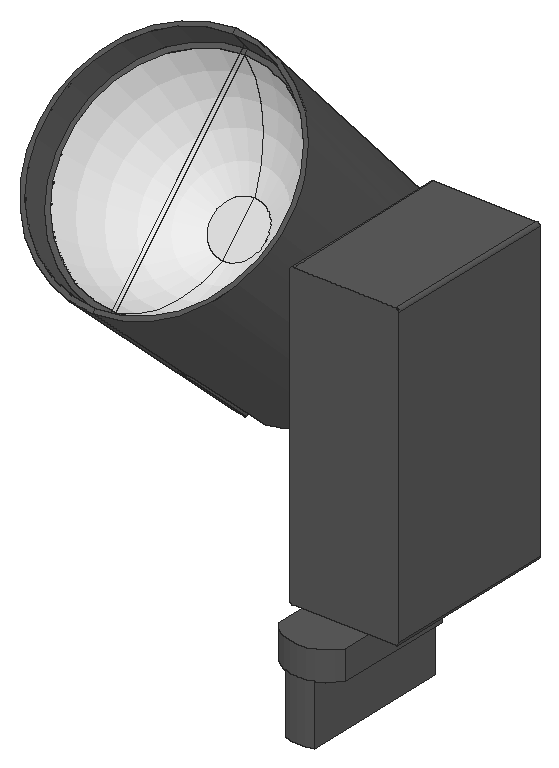
Revit family "0004889 Feilo Sylvania Lighting Fixture START TRACK SPOT L 35W 3K RA90 NB BLACK", category Lighting Fixtures, host Face, Revit 2017
Family settings
  Host = Face
  Round Connector Dimension = Use Diameter
  Part Type = Normal
  OmniClass Number = 23.80.70.00
  OmniClass Title = Lighting
  Cut with Voids When Loaded = No
  Light Source = No
  Shared = No
  Room Calculation Point = No
Parameters (values of type "0004889 START TRACK SPOT L 35W 3K RA90 NB BLACK")
  Weight = "1.368 kg"
  Wattage Comments = ""
  WarrantyStartDate [instance] = "n/a"
  WarrantyGuarantorParts = "n/a"
  WarrantyDurationUnit = "n/a"
  WarrantyDurationParts = "n/a"
  WarrantyDescription = "n/a"
  Voltage = 230 V
  URL = "http://www.sylvania-lighting.com"
  TypeName = "START TRACK SPOT L 35W 3K RA90 NB BLACK"
  TypeHead_FEILO = Start Track Spot Head : 0004889 START TRACK SPOT L 35W 3K RA90 NB BLACK
  TypeBox_FEILO = Start Track Spot Box : Type Large Black
  Type Image = <None>
  Type Comments = "n/a"
  VerticalRotation_FEILO [instance] = 0.00°
  SlideEndAngle_FEILO [instance] = VerticalRotation_FEILO + 180.00°  # 180.00°
  SerialNumber [instance] = "n/a"
  Material_3_FEILO = none
  PowerFactor = 0.93
  PowerConsumption = "35 W"
  NominalLength = 0 mm
  NominalHeight = 240 mm
  NominalDepth = 164 mm
  Name = "START TRACK SPOT L 35W 3K RA90 NB BLACK"
  ModelReference = Name  # "START TRACK SPOT L 35W 3K RA90 NB BLACK"
  ModelNumber = "0004889"
  Model = Name  # "START TRACK SPOT L 35W 3K RA90 NB BLACK"
  Material = "adc12 aluminium housing, polycarbonate diffuser"
  ManufacturerName = "Feilo Sylvania"
  Manufacturer = "Feilo Sylvania"
  LuminousEfficacy = "94 lm/W"
  LuminaireType = ""
  LightOutputRatio = "100"
  LampsType = Lamp  # "LED"
  LampNominalLuminous = "3287 lm"
  LampMacAdamStep = "3"
  LampColourTemperature = "3000 K"
  LampColourRenderingIndex = "90"
  Lamp = "LED"
  Keynote = "16500"
  InstallationDate [instance] = "n/a"
  InputVoltage = "230-240V~"
  InputNominalFrequency = "50/60 Hz"
  IngressProtection = "IP20"
  ImpactProtectionIndex = "IK02"
  IfcExportType = "IfcLightFixtureType"
  IfcExportAs = "IfcLightFixtureType"
  HorizontalRotation_FEILO [instance] = 45.00°
  ExpectedLife = 50000
  ElectricShockClassification = "Class II"
  DurationUnit = "hours"
  DocumentationLiterature = "http://www.sylvania-lighting.com/product/en-int/products/0004889"
  DimmingControlOptions = "Non dimmable"
  Material_2_FEILO = none
  Description = "Integrated LED spotlight, Textured Black - RAL9005, compact and minimalist design, ideal for retail applications, die-cast aluminium body, passive cooling heatsink. Beam angle: 15°, color temperature: 3000K , total system power: 35W, total fixture output: 3287 lm, LOR: 100%, colour rendering: Ra: 90 typical, LED Chromaticity: 3 step MacAdam ellipse, lifetime: >50000 hours at L70B50, energy class: A++, A+, A, IR/UV free light source without heat radiation, operating voltage: 220-240V / 50-60Hz, drive current: 900mA, electronic driver, non-dimmable, power factor: 0.93, electrical protection: Class II, Global Track 3 Phase adapter suitable for Global trac 3-circuit tracks, ingress protection rating: IP20, suitable for internal environment only, horizontal rotation: 355°, vertical tilt: 90°, dimensions: Ø113x164x240, weight: 1.368kg."
  Default Elevation = 1219.2 mm
  CreatedOn = "12/12/2017"
  CreatedBy = ""
  Cost = 0
  built-in parameter 1114216 [instance] = (empty or 0)
  ClassificationValue = "EF_70_80"
  ClassificationName = "Uniclass2015"
  Material_1_FEILO = Body-Sylvania-StartTrackSpot-Black
  BarCode [instance] = "n/a"
  AssetType = "Fixed"
  AssetIdentifier [instance] = "n/a"
  Assembly Code = "D5020200"
  Apparent Load = 35 VA
  Material_4_FEILO = none
Reference planes
  plane 1 "Center (Front/Back)": y = 0
  plane 2: z = 0
  plane 3 "Center (Left/Right)": x = 0
  plane 4: x = 15
  plane 5: x = -15
  plane 6: y = 35
  plane 7: y = -35
  plane 8: z = 13
  plane 9: z = -27
  plane 10: x = 6.5
  plane 11: x = -6.5
  plane 12: y = 27
  plane 13: y = -27
  plane 14: y = 20
Forms (mm)
  Extrusion 1, solid, material "Body-Sylvania-StartTrackSpot-Black" <- "Material_1_FEILO"
    sketch origin (0, 0, 0) x (1, 0, 0) y (0, 1, 0)
      loop
        line (-15, 27) -> (-15, -27)
        arc (-15, -27) -> (0, -35) -> (15, -27) r 18.062
        line (15, -27) -> (15, 27)
        arc (15, 27) -> (0, 35) -> (-15, 27) r 18.062
    from 0 to 13
  Extrusion 2, solid, material "Body-Sylvania-StartTrackSpot-Black" <- "Material_1_FEILO"
    sketch origin (0, 0, 0) x (1, 0, 0) y (0, 1, 0)
      loop
        arc (6.5, 33.79) -> (0, 35) -> (-6.5, 33.79) r 18.062
        line (-6.5, 33.79) -> (-6.5, -33.79)
        arc (-6.5, -33.79) -> (0, -35) -> (6.5, -33.79) r 18.062
        line (6.5, -33.79) -> (6.5, 33.79)
    from 0 to -27
  Revolve 3, solid, not visible
    sketch origin (1524, 20, 1219.2) x (1, 0, 0) y (0, 0, 1)
      loop
        line (-1524, -1206.2) -> (-1524, -1191.285) -> (-1530.5, -1191.285) -> (-1530.5, -1206.2) -> (-1524, -1206.2)
      axis (-1524, -1191.285) -> (-1524, -1206.2)
    angle from 0 <- "VerticalRotation_FEILO" to 180 <- "SlideEndAngle_FEILO"
Cuts and joins
  joined: Extrusion 1, Extrusion 2
Dimensions and locks
  equal spacing: plane 10, plane 3 "Center (Left/Right)", plane 11
  equal spacing: plane 4, plane 3 "Center (Left/Right)", plane 5
  locked: plane 8 to plane 2 at 13
  locked: plane 8 to plane 9 at 40
  equal spacing: plane 13, plane 1 "Center (Front/Back)", plane 12
  locked: plane 12 to plane 6 at 8
  locked: plane 14 to plane 6 at 15
  locked: Revolve 3 sketch curve to plane 8 at 14.915
  aligned and locked: plane 2 to host face
  aligned and locked: level to host face
  aligned and locked: plane 5 to Extrusion 1 sketch curve  (x2)
  aligned and locked: plane 12 to Extrusion 1 sketch curve
  aligned and locked: plane 13 to Extrusion 1 sketch curve
  aligned and locked: plane 4 to Extrusion 1 sketch curve
  aligned and locked: Extrusion 1 to plane 8
  aligned and locked: Extrusion 1 to level
  aligned and locked: Extrusion 2 sketch curve to Extrusion 1  (x2)
  aligned and locked: Extrusion 2 sketch curve to plane 11
  aligned and locked: plane 10 to Extrusion 2 sketch curve
  aligned and locked: plane 9 to Extrusion 2
  aligned and locked: level to Extrusion 2
  aligned and locked: Revolve 3 sketch curve to plane 3 "Center (Left/Right)"  (x2)
  aligned and locked: plane 11 to Revolve 3 sketch curve
  aligned and locked: Revolve 3 sketch curve to plane 8
Automatic sketch dimensions
  host sketch curve to host sketch curve = 2438.4 mm  (x2)
  Extrusion 1 sketch curve to plane 3 "Center (Left/Right)" = 0 mm  (x2)
  Extrusion 1 sketch curve to plane 13 = 10.062 mm
  plane 12 to Extrusion 1 sketch curve = 10.062 mm
  Revolve 3 sketch curve to plane 3 "Center (Left/Right)" = 0 mm
  plane 9 to Revolve 3 sketch curve = 582.6 mm
  Revolve 3 sketch curve to Revolve 3 sketch curve = 2581.144 mm
Nested families
  nested 1: "Start Track Spot Head" at (-75.5, 20, 133) x (0, 0.7071, 0.7071) z (0, 0.7071, -0.7071), type <- "TypeHead_FEILO", type "0004889 START TRACK SPOT L 35W 3K RA90 NB BLACK"
    with built-in parameter 1114216 (empty or 0)
  nested 2: "Start Track Spot Box" at (8.5, 20, 85) x (-1, 0, 0) z (0, -1, 0), BoxStartAngle_FEILO <- "HorizontalRotation_FEILO", type <- "TypeBox_FEILO", type "Type Large Black"
    with BoxStartAngle_FEILO 45.00°, BoxEndAngle_FEILO -135.00°
Connectors
  electrical at (0, 0, 0), driven by "Apparent Load", driven by "PowerFactor", driven by "Voltage"
    settings: index 1, voltage 230 V, apparent load 35 VA, apparent load phase1 0 VA, apparent load phase2 0 VA, apparent load phase3 0 VA, power factor 0.93, load classification "Lighting", number of poles 1, system type 30, power factor state 1, is connector primary yes, connector utility no, sub classification motor no, connector description ""
Definition of nested family "Start Track Spot Head"
  Parameters (values of type "0004811 START TRACK SPOT S 14W 3K RA80 NB WHITE")
    Wattage Comments = "n/a"
    Wattage = 14 W
    built-in parameter 1150110 = 1 (stored number, unit not read)
    URL = "http://www.feilosylvania.com"
    Type Image = (empty or 0)
    Type Comments = "n/a"
    built-in parameter 1114217 = 1 (stored number, unit not read)
    Tilt Angle = -90.00°
    built-in parameter 1150109 = 1 (stored number, unit not read)
    built-in parameter 1150134 = (empty or 0)
    built-in parameter 1150113 = 1 (stored number, unit not read)
    Photometric Web File = "0004811.ies"
    Material_3_FEILO = none
    Model = "START TRACK SPOT S 14W 3K RA80 NB WHITE"
    Manufacturer = "Feilo Sylvania"
    built-in parameter 1150105 = 123.66 (stored number, unit not read)
    Lumens = 1554 lm
    built-in parameter 1150115 = 1 (stored number, unit not read)
    built-in parameter 1150137 = (empty or 0)
    built-in parameter 1150139 = (empty or 0)
    built-in parameter 1150112 = 1 (stored number, unit not read)
    built-in parameter 1150114 = 1 (stored number, unit not read)
    Lamp = "LED"
    Keynote = "16500"
    Material_2_FEILO = none
    built-in parameter 1150132 = (empty or 0)
    built-in parameter 1150102 = (empty or 0)
    built-in parameter 1150107 = 3000 (stored number, unit not read)
    built-in parameter 1150138 = (empty or 0)
    built-in parameter 1150106 = 1.2366 (stored number, unit not read)
    HeadThickness_FEILO = if(HeadDiaOut_FEILO > 112 mm, 2 mm, 1.5 mm)  # 1.5 mm
    HeadRibOffset_FEILO = HeadHeight_FEILO / 28  # 4.179 mm
    HeadRibDepth_FEILO = HeadHeight_FEILO / 2.1  # 55.714 mm
    HeadRibCutWidth_FEILO = HeadDiaOut_FEILO / 12  # 7.167 mm
    HeadRibCutOffset_FEILO = HeadHeight_FEILO / 2.3  # 50.87 mm
    HeadReflectorRadius_FEILO = HeadDiaOut_FEILO / 1.7  # 50.588 mm
    HeadReflectorOffset_FEILO = HeadHeight_FEILO / 2.1  # 55.714 mm
    HeadLEDRadius_FEILO = HeadDiaOut_FEILO / 9  # 9.556 mm
    HeadHeight_FEILO = 117 mm
    HeadDraft_FEILO = 1 mm
    HeadDiffusorThickness_FEILO = 3 mm
    HeadDiffusorOffset_FEILO = HeadHeight_FEILO / 12.4  # 9.435 mm
    HeadDiaOut_FEILO = 86 mm
    HeadDiaIn_FEILO = HeadDiaOut_FEILO / 1.11  # 77.477 mm
    HeadAxisFromTop_FEILO = HeadHeight_FEILO / 1.687  # 69.354 mm
    Emit from Circle Diameter = HeadDiaIn_FEILO  # 77.477 mm
    Emit Shape Visible in Rendering = no
    built-in parameter 1150104 = 10.312 (stored number, unit not read)
    Dimming Lamp Color Temperature Shift = (empty or 0)
    Description = "Integrated LED spotlight, Textured White - RAL9016, compact and minimalist design, ideal for retail applications, die-cast aluminium body, passive cooling heatsink. Beam angle: 12°, color temperature: 3000K , total system power: 14W, total fixture output: 1551 lm, LOR: 100%, colour rendering: Ra: 80 typical, LED Chromaticity: 3 step MacAdam ellipse, lifetime: >50000 hours at L70B50, energy class: A++, A+, A, IR/UV free light source without heat radiation, operating voltage: 220-240V / 50-60Hz, drive current: 350mA, electronic driver, non-dimmable, power factor: 0.92, electrical protection: Class II, Global Track 3 Phase adapter suitable for Global trac 3-circuit tracks, ingress protection rating: IP20, suitable for internal environment only, horizontal rotation: 355°, vertical tilt: 90°, dimensions: Ø86x140x200, weight: 0.940kg."
    Default Elevation = 1219.2 mm
    Cost = 0
    Color Filter = 16777215
    built-in parameter 1114216 [instance] = (empty or 0)
    Material_1_FEILO = none
    built-in parameter 1114218 = 1 (stored number, unit not read)
    built-in parameter 1150133 = 10 (stored number, unit not read)
    Assembly Code = "D5020200"
    Apparent Load = 14 VA
    Material_4_FEILO = none
  Types (96, lengths in mm): name | Wattage | built-in parameter 1150134 | Photometric Web File | Model | built-in parameter 1150105 | Lumens | built-in parameter 1150107 | built-in parameter 1150106 | HeadThickness_FEILO | HeadRibOffset_FEILO | HeadRibDepth_FEILO | HeadRibCutWidth_FEILO | HeadRibCutOffset_FEILO | HeadReflectorRadius_FEILO | HeadReflectorOffset_FEILO | HeadLEDRadius_FEILO | HeadHeight_FEILO | HeadDiffusorOffset_FEILO | HeadDiaOut_FEILO | HeadDiaIn_FEILO | HeadAxisFromTop_FEILO | Emit from Circle Diameter | built-in parameter 1150104 | Description | Apparent Load
    0004906 START TRACK SPOT L 55W 4K RA90 WB BLACK | 55 W | 12 | "0004906.ies" | "START TRACK SPOT L 55W 4K RA90 WB BLACK" | 385.15 (stored number, unit not read) | 4840 lm | 4000 (stored number, unit not read) | 3.8515 (stored number, unit not read) | 2 | 4.429 | 59.048 | 9.417 | 53.913 | 66.471 | 59.048 | 12.556 | 124 | 10 | 113 | 101.802 | 73.503 | 101.802 | 8.1755 (stored number, unit not read) | "Integrated LED spotlight, Textured Black - RAL9005, compact and minimalist design, ideal for retail applications, die-cast aluminium body, passive cooling heatsink. Beam angle: 52°, color temperature: 4000K , total system power: 55W, total fixture output: 4824 lm, LOR: 100%, colour rendering: Ra: 90 typical, LED Chromaticity: 3 step MacAdam ellipse, lifetime: >50000 hours at L70B50, energy class: A++, A+, A, IR/UV free light source without heat radiation, operating voltage: 220-240V / 50-60Hz, drive current: 1400mA, electronic driver, non-dimmable, power factor: 0.96, electrical protection: Class II, Global Track 3 Phase adapter suitable for Global trac 3-circuit tracks, ingress protection rating: IP20, suitable for internal environment only, horizontal rotation: 355°, vertical tilt: 90°, dimensions: Ø113x164x240, weight: 1.398kg." | 55 VA
    0004905 START TRACK SPOT L 55W 4K RA90 MB BLACK | 55 W | 12 | "0004905.ies" | "START TRACK SPOT L 55W 4K RA90 MB BLACK" | 389.53 (stored number, unit not read) | 4895 lm | 4000 (stored number, unit not read) | 3.8953 (stored number, unit not read) | 2 | 4.429 | 59.048 | 9.417 | 53.913 | 66.471 | 59.048 | 12.556 | 124 | 10 | 113 | 101.802 | 73.503 | 101.802 | 8.2684 (stored number, unit not read) | "Integrated LED spotlight, Textured Black - RAL9005, compact and minimalist design, ideal for retail applications, die-cast aluminium body, passive cooling heatsink. Beam angle: 38°, color temperature: 4000K , total system power: 55W, total fixture output: 4897 lm, LOR: 100%, colour rendering: Ra: 90 typical, LED Chromaticity: 3 step MacAdam ellipse, lifetime: >50000 hours at L70B50, energy class: A++, A+, A, IR/UV free light source without heat radiation, operating voltage: 220-240V / 50-60Hz, drive current: 1400mA, electronic driver, non-dimmable, power factor: 0.96, electrical protection: Class II, Global Track 3 Phase adapter suitable for Global trac 3-circuit tracks, ingress protection rating: IP20, suitable for internal environment only, horizontal rotation: 355°, vertical tilt: 90°, dimensions: Ø113x164x240, weight: 1.398kg." | 55 VA
    0004904 START TRACK SPOT L 55W 4K RA90 NB BLACK | 55 W | 12 | "0004904.ies" | "START TRACK SPOT L 55W 4K RA90 NB BLACK" | 393.91 (stored number, unit not read) | 4950 lm | 4000 (stored number, unit not read) | 3.9391 (stored number, unit not read) | 2 | 4.429 | 59.048 | 9.417 | 53.913 | 66.471 | 59.048 | 12.556 | 124 | 10 | 113 | 101.802 | 73.503 | 101.802 | 8.3613 (stored number, unit not read) | "Integrated LED spotlight, Textured Black - RAL9005, compact and minimalist design, ideal for retail applications, die-cast aluminium body, passive cooling heatsink. Beam angle: 15°, color temperature: 4000K , total system power: 55W, total fixture output: 4965 lm, LOR: 100%, colour rendering: Ra: 90 typical, LED Chromaticity: 3 step MacAdam ellipse, lifetime: >50000 hours at L70B50, energy class: A++, A+, A, IR/UV free light source without heat radiation, operating voltage: 220-240V / 50-60Hz, drive current: 1400mA, electronic driver, non-dimmable, power factor: 0.96, electrical protection: Class II, Global Track 3 Phase adapter suitable for Global trac 3-circuit tracks, ingress protection rating: IP20, suitable for internal environment only, horizontal rotation: 355°, vertical tilt: 90°, dimensions: Ø113x164x240, weight: 1.398kg." | 55 VA
    0004903 START TRACK SPOT L 35W 4K RA90 WB BLACK | 35 W | 12 | "0004903.ies" | "START TRACK SPOT L 35W 4K RA90 WB BLACK" | 284.09 (stored number, unit not read) | 3570 lm | 4000 (stored number, unit not read) | 2.8409 (stored number, unit not read) | 2 | 4.429 | 59.048 | 9.417 | 53.913 | 66.471 | 59.048 | 12.556 | 124 | 10 | 113 | 101.802 | 73.503 | 101.802 | 9.4761 (stored number, unit not read) | "Integrated LED spotlight, Textured Black - RAL9005, compact and minimalist design, ideal for retail applications, die-cast aluminium body, passive cooling heatsink. Beam angle: 52°, color temperature: 4000K , total system power: 35W, total fixture output: 3562 lm, LOR: 100%, colour rendering: Ra: 90 typical, LED Chromaticity: 3 step MacAdam ellipse, lifetime: >50000 hours at L70B50, energy class: A++, A+, A, IR/UV free light source without heat radiation, operating voltage: 220-240V / 50-60Hz, drive current: 900mA, electronic driver, non-dimmable, power factor: 0.93, electrical protection: Class II, Global Track 3 Phase adapter suitable for Global trac 3-circuit tracks, ingress protection rating: IP20, suitable for internal environment only, horizontal rotation: 355°, vertical tilt: 90°, dimensions: Ø113x164x240, weight: 1.368kg." | 35 VA
    0004902 START TRACK SPOT L 35W 4K RA90 MB BLACK | 35 W | 12 | "0004902.ies" | "START TRACK SPOT L 35W 4K RA90 MB BLACK" | 286.88 (stored number, unit not read) | 3605 lm | 4000 (stored number, unit not read) | 2.8688 (stored number, unit not read) | 2 | 4.429 | 59.048 | 9.417 | 53.913 | 66.471 | 59.048 | 12.556 | 124 | 10 | 113 | 101.802 | 73.503 | 101.802 | 9.569 (stored number, unit not read) | "Integrated LED spotlight, Textured Black - RAL9005, compact and minimalist design, ideal for retail applications, die-cast aluminium body, passive cooling heatsink. Beam angle: 38°, color temperature: 4000K , total system power: 35W, total fixture output: 3616 lm, LOR: 100%, colour rendering: Ra: 90 typical, LED Chromaticity: 3 step MacAdam ellipse, lifetime: >50000 hours at L70B50, energy class: A++, A+, A, IR/UV free light source without heat radiation, operating voltage: 220-240V / 50-60Hz, drive current: 900mA, electronic driver, non-dimmable, power factor: 0.93, electrical protection: Class II, Global Track 3 Phase adapter suitable for Global trac 3-circuit tracks, ingress protection rating: IP20, suitable for internal environment only, horizontal rotation: 355°, vertical tilt: 90°, dimensions: Ø113x164x240, weight: 1.368kg." | 35 VA
    0004901 START TRACK SPOT L 35W 4K RA90 NB BLACK | 35 W | 12 | "0004901.ies" | "START TRACK SPOT L 35W 4K RA90 NB BLACK" | 286.88 (stored number, unit not read) | 3605 lm | 4000 (stored number, unit not read) | 2.8688 (stored number, unit not read) | 2 | 4.429 | 59.048 | 9.417 | 53.913 | 66.471 | 59.048 | 12.556 | 124 | 10 | 113 | 101.802 | 73.503 | 101.802 | 9.569 (stored number, unit not read) | "Integrated LED spotlight, Textured Black - RAL9005, compact and minimalist design, ideal for retail applications, die-cast aluminium body, passive cooling heatsink. Beam angle: 15°, color temperature: 4000K , total system power: 35W, total fixture output: 3593 lm, LOR: 100%, colour rendering: Ra: 90 typical, LED Chromaticity: 3 step MacAdam ellipse, lifetime: >50000 hours at L70B50, energy class: A++, A+, A, IR/UV free light source without heat radiation, operating voltage: 220-240V / 50-60Hz, drive current: 900mA, electronic driver, non-dimmable, power factor: 0.93, electrical protection: Class II, Global Track 3 Phase adapter suitable for Global trac 3-circuit tracks, ingress protection rating: IP20, suitable for internal environment only, horizontal rotation: 355°, vertical tilt: 90°, dimensions: Ø113x164x240, weight: 1.368kg." | 35 VA
    0004900 START TRACK SPOT S 24W 4K RA90 WB BLACK | 24 W | 12 | "0004900.ies" | "START TRACK SPOT S 24W 4K RA90 WB BLACK" | 166.16 (stored number, unit not read) | 2088 lm | 4000 (stored number, unit not read) | 1.6616 (stored number, unit not read) | 1.5 | 4.179 | 55.714 | 7.167 | 50.87 | 50.588 | 55.714 | 9.556 | 117 | 9.435 | 86 | 77.477 | 69.354 | 77.477 | 8.0826 (stored number, unit not read) | "Integrated LED spotlight, Textured Black - RAL9005, compact and minimalist design, ideal for retail applications, die-cast aluminium body, passive cooling heatsink. Beam angle: 64°, color temperature: 4000K , total system power: 24W, total fixture output: 2087 lm, LOR: 100%, colour rendering: Ra: 90 typical, LED Chromaticity: 3 step MacAdam ellipse, lifetime: >50000 hours at L70B50, energy class: A++, A+, A, IR/UV free light source without heat radiation, operating voltage: 220-240V / 50-60Hz, drive current: 600mA, electronic driver, non-dimmable, power factor: 0.95, electrical protection: Class II, Global Track 3 Phase adapter suitable for Global trac 3-circuit tracks, ingress protection rating: IP20, suitable for internal environment only, horizontal rotation: 355°, vertical tilt: 90°, dimensions: Ø86x140x200, weight: 0.966kg." | 24 VA
    0004899 START TRACK SPOT S 24W 4K RA90 MB BLACK | 24 W | 12 | "0004899.ies" | "START TRACK SPOT S 24W 4K RA90 MB BLACK" | 169.98 (stored number, unit not read) | 2136 lm | 4000 (stored number, unit not read) | 1.6998 (stored number, unit not read) | 1.5 | 4.179 | 55.714 | 7.167 | 50.87 | 50.588 | 55.714 | 9.556 | 117 | 9.435 | 86 | 77.477 | 69.354 | 77.477 | 8.2684 (stored number, unit not read) | "Integrated LED spotlight, Textured Black - RAL9005, compact and minimalist design, ideal for retail applications, die-cast aluminium body, passive cooling heatsink. Beam angle: 36°, color temperature: 4000K , total system power: 24W, total fixture output: 2141 lm, LOR: 100%, colour rendering: Ra: 90 typical, LED Chromaticity: 3 step MacAdam ellipse, lifetime: >50000 hours at L70B50, energy class: A++, A+, A, IR/UV free light source without heat radiation, operating voltage: 220-240V / 50-60Hz, drive current: 600mA, electronic driver, non-dimmable, power factor: 0.95, electrical protection: Class II, Global Track 3 Phase adapter suitable for Global trac 3-circuit tracks, ingress protection rating: IP20, suitable for internal environment only, horizontal rotation: 355°, vertical tilt: 90°, dimensions: Ø86x140x200, weight: 0.966kg." | 24 VA
    0004898 START TRACK SPOT S 24W 4K RA90 NB BLACK | 24 W | 12 | "0004898.ies" | "START TRACK SPOT S 24W 4K RA90 NB BLACK" | 171.89 (stored number, unit not read) | 2160 lm | 4000 (stored number, unit not read) | 1.7189 (stored number, unit not read) | 1.5 | 4.179 | 55.714 | 7.167 | 50.87 | 50.588 | 55.714 | 9.556 | 117 | 9.435 | 86 | 77.477 | 69.354 | 77.477 | 8.3613 (stored number, unit not read) | "Integrated LED spotlight, Textured Black - RAL9005, compact and minimalist design, ideal for retail applications, die-cast aluminium body, passive cooling heatsink. Beam angle: 12°, color temperature: 4000K , total system power: 24W, total fixture output: 2155 lm, LOR: 100%, colour rendering: Ra: 90 typical, LED Chromaticity: 3 step MacAdam ellipse, lifetime: >50000 hours at L70B50, energy class: A++, A+, A, IR/UV free light source without heat radiation, operating voltage: 220-240V / 50-60Hz, drive current: 600mA, electronic driver, non-dimmable, power factor: 0.95, electrical protection: Class II, Global Track 3 Phase adapter suitable for Global trac 3-circuit tracks, ingress protection rating: IP20, suitable for internal environment only, horizontal rotation: 355°, vertical tilt: 90°, dimensions: Ø86x140x200, weight: 0.966kg." | 24 VA
    0004897 START TRACK SPOT S 14W 4K RA90 WB BLACK | 14 W | 12 | "0004897.ies" | "START TRACK SPOT S 14W 4K RA90 WB BLACK" | 108.07 (stored number, unit not read) | 1358 lm | 4000 (stored number, unit not read) | 1.0807 (stored number, unit not read) | 1.5 | 4.179 | 55.714 | 7.167 | 50.87 | 50.588 | 55.714 | 9.556 | 117 | 9.435 | 86 | 77.477 | 69.354 | 77.477 | 9.0116 (stored number, unit not read) | "Integrated LED spotlight, Textured Black - RAL9005, compact and minimalist design, ideal for retail applications, die-cast aluminium body, passive cooling heatsink. Beam angle: 64°, color temperature: 4000K , total system power: 14W, total fixture output: 1352 lm, LOR: 100%, colour rendering: Ra: 90 typical, LED Chromaticity: 3 step MacAdam ellipse, lifetime: >50000 hours at L70B50, energy class: A++, A+, A, IR/UV free light source without heat radiation, operating voltage: 220-240V / 50-60Hz, drive current: 350mA, electronic driver, non-dimmable, power factor: 0.92, electrical protection: Class II, Global Track 3 Phase adapter suitable for Global trac 3-circuit tracks, ingress protection rating: IP20, suitable for internal environment only, horizontal rotation: 355°, vertical tilt: 90°, dimensions: Ø86x140x200, weight: 0.940kg." | 14 VA
    0004896 START TRACK SPOT S 14W 4K RA90 MB BLACK | 14 W | 12 | "0004896.ies" | "START TRACK SPOT S 14W 4K RA90 MB BLACK" | 108.07 (stored number, unit not read) | 1358 lm | 4000 (stored number, unit not read) | 1.0807 (stored number, unit not read) | 1.5 | 4.179 | 55.714 | 7.167 | 50.87 | 50.588 | 55.714 | 9.556 | 117 | 9.435 | 86 | 77.477 | 69.354 | 77.477 | 9.0116 (stored number, unit not read) | "Integrated LED spotlight, Textured Black - RAL9005, compact and minimalist design, ideal for retail applications, die-cast aluminium body, passive cooling heatsink. Beam angle: 36°, color temperature: 4000K , total system power: 14W, total fixture output: 1359 lm, LOR: 100%, colour rendering: Ra: 90 typical, LED Chromaticity: 3 step MacAdam ellipse, lifetime: >50000 hours at L70B50, energy class: A++, A+, A, IR/UV free light source without heat radiation, operating voltage: 220-240V / 50-60Hz, drive current: 350mA, electronic driver, non-dimmable, power factor: 0.92, electrical protection: Class II, Global Track 3 Phase adapter suitable for Global trac 3-circuit tracks, ingress protection rating: IP20, suitable for internal environment only, horizontal rotation: 355°, vertical tilt: 90°, dimensions: Ø86x140x200, weight: 0.940kg." | 14 VA
    0004895 START TRACK SPOT S 14W 4K RA90 NB BLACK | 14 W | 12 | "0004895.ies" | "START TRACK SPOT S 14W 4K RA90 NB BLACK" | 106.95 (stored number, unit not read) | 1344 lm | 4000 (stored number, unit not read) | 1.0695 (stored number, unit not read) | 1.5 | 4.179 | 55.714 | 7.167 | 50.87 | 50.588 | 55.714 | 9.556 | 117 | 9.435 | 86 | 77.477 | 69.354 | 77.477 | 8.9187 (stored number, unit not read) | "Integrated LED spotlight, Textured Black - RAL9005, compact and minimalist design, ideal for retail applications, die-cast aluminium body, passive cooling heatsink. Beam angle: 12°, color temperature: 4000K , total system power: 14W, total fixture output: 1349 lm, LOR: 100%, colour rendering: Ra: 90 typical, LED Chromaticity: 3 step MacAdam ellipse, lifetime: >50000 hours at L70B50, energy class: A++, A+, A, IR/UV free light source without heat radiation, operating voltage: 220-240V / 50-60Hz, drive current: 350mA, electronic driver, non-dimmable, power factor: 0.92, electrical protection: Class II, Global Track 3 Phase adapter suitable for Global trac 3-circuit tracks, ingress protection rating: IP20, suitable for internal environment only, horizontal rotation: 355°, vertical tilt: 90°, dimensions: Ø86x140x200, weight: 0.940kg." | 14 VA
    0004894 START TRACK SPOT L 55W 3K RA90 WB BLACK | 55 W | (empty or 0) | "0004894.ies" | "START TRACK SPOT L 55W 3K RA90 WB BLACK" | 350.14 (stored number, unit not read) | 4400 lm | 3000 (stored number, unit not read) | 3.5014 (stored number, unit not read) | 2 | 4.429 | 59.048 | 9.417 | 53.913 | 66.471 | 59.048 | 12.556 | 124 | 10 | 113 | 101.802 | 73.503 | 101.802 | 7.4322 (stored number, unit not read) | "Integrated LED spotlight, Textured Black - RAL9005, compact and minimalist design, ideal for retail applications, die-cast aluminium body, passive cooling heatsink. Beam angle: 52°, color temperature: 3000K , total system power: 55W, total fixture output: 4405 lm, LOR: 100%, colour rendering: Ra: 90 typical, LED Chromaticity: 3 step MacAdam ellipse, lifetime: >50000 hours at L70B50, energy class: A++, A+, A, IR/UV free light source without heat radiation, operating voltage: 220-240V / 50-60Hz, drive current: 1400mA, electronic driver, non-dimmable, power factor: 0.96, electrical protection: Class II, Global Track 3 Phase adapter suitable for Global trac 3-circuit tracks, ingress protection rating: IP20, suitable for internal environment only, horizontal rotation: 355°, vertical tilt: 90°, dimensions: Ø113x164x240, weight: 1.398kg." | 55 VA
    0004893 START TRACK SPOT L 55W 3K RA90 MB BLACK | 55 W | (empty or 0) | "0004893.ies" | "START TRACK SPOT L 55W 3K RA90 MB BLACK" | 354.52 (stored number, unit not read) | 4455 lm | 3000 (stored number, unit not read) | 3.5452 (stored number, unit not read) | 2 | 4.429 | 59.048 | 9.417 | 53.913 | 66.471 | 59.048 | 12.556 | 124 | 10 | 113 | 101.802 | 73.503 | 101.802 | 7.5251 (stored number, unit not read) | "Integrated LED spotlight, Textured Black - RAL9005, compact and minimalist design, ideal for retail applications, die-cast aluminium body, passive cooling heatsink. Beam angle: 38°, color temperature: 3000K , total system power: 55W, total fixture output: 4448 lm, LOR: 100%, colour rendering: Ra: 90 typical, LED Chromaticity: 3 step MacAdam ellipse, lifetime: >50000 hours at L70B50, energy class: A++, A+, A, IR/UV free light source without heat radiation, operating voltage: 220-240V / 50-60Hz, drive current: 1400mA, electronic driver, non-dimmable, power factor: 0.96, electrical protection: Class II, Global Track 3 Phase adapter suitable for Global trac 3-circuit tracks, ingress protection rating: IP20, suitable for internal environment only, horizontal rotation: 355°, vertical tilt: 90°, dimensions: Ø113x164x240, weight: 1.398kg." | 55 VA
    0004892 START TRACK SPOT L 55W 3K RA90 NB BLACK | 55 W | (empty or 0) | "0004892.ies" | "START TRACK SPOT L 55W 3K RA90 NB BLACK" | 350.14 (stored number, unit not read) | 4400 lm | 3000 (stored number, unit not read) | 3.5014 (stored number, unit not read) | 2 | 4.429 | 59.048 | 9.417 | 53.913 | 66.471 | 59.048 | 12.556 | 124 | 10 | 113 | 101.802 | 73.503 | 101.802 | 7.4322 (stored number, unit not read) | "Integrated LED spotlight, Textured Black - RAL9005, compact and minimalist design, ideal for retail applications, die-cast aluminium body, passive cooling heatsink. Beam angle: 15°, color temperature: 3000K , total system power: 55W, total fixture output: 4416 lm, LOR: 100%, colour rendering: Ra: 90 typical, LED Chromaticity: 3 step MacAdam ellipse, lifetime: >50000 hours at L70B50, energy class: A++, A+, A, IR/UV free light source without heat radiation, operating voltage: 220-240V / 50-60Hz, drive current: 1400mA, electronic driver, non-dimmable, power factor: 0.96, electrical protection: Class II, Global Track 3 Phase adapter suitable for Global trac 3-circuit tracks, ingress protection rating: IP20, suitable for internal environment only, horizontal rotation: 355°, vertical tilt: 90°, dimensions: Ø113x164x240, weight: 1.398kg." | 55 VA
    0004891 START TRACK SPOT L 35W 3K RA90 WB BLACK | 35 W | (empty or 0) | "0004891.ies" | "START TRACK SPOT L 35W 3K RA90 WB BLACK" | 259.02 (stored number, unit not read) | 3255 lm | 3000 (stored number, unit not read) | 2.5902 (stored number, unit not read) | 2 | 4.429 | 59.048 | 9.417 | 53.913 | 66.471 | 59.048 | 12.556 | 124 | 10 | 113 | 101.802 | 73.503 | 101.802 | 8.64 (stored number, unit not read) | "Integrated LED spotlight, Textured Black - RAL9005, compact and minimalist design, ideal for retail applications, die-cast aluminium body, passive cooling heatsink. Beam angle: 52°, color temperature: 3000K , total system power: 35W, total fixture output: 3260 lm, LOR: 100%, colour rendering: Ra: 90 typical, LED Chromaticity: 3 step MacAdam ellipse, lifetime: >50000 hours at L70B50, energy class: A++, A+, A, IR/UV free light source without heat radiation, operating voltage: 220-240V / 50-60Hz, drive current: 900mA, electronic driver, non-dimmable, power factor: 0.93, electrical protection: Class II, Global Track 3 Phase adapter suitable for Global trac 3-circuit tracks, ingress protection rating: IP20, suitable for internal environment only, horizontal rotation: 355°, vertical tilt: 90°, dimensions: Ø113x164x240, weight: 1.368kg." | 35 VA
    0004890 START TRACK SPOT L 35W 3K RA90 MB BLACK | 35 W | (empty or 0) | "0004890.ies" | "START TRACK SPOT L 35W 3K RA90 MB BLACK" | 261.81 (stored number, unit not read) | 3290 lm | 3000 (stored number, unit not read) | 2.6181 (stored number, unit not read) | 2 | 4.429 | 59.048 | 9.417 | 53.913 | 66.471 | 59.048 | 12.556 | 124 | 10 | 113 | 101.802 | 73.503 | 101.802 | 8.7329 (stored number, unit not read) | "Integrated LED spotlight, Textured Black - RAL9005, compact and minimalist design, ideal for retail applications, die-cast aluminium body, passive cooling heatsink. Beam angle: 38°, color temperature: 3000K , total system power: 35W, total fixture output: 3306 lm, LOR: 100%, colour rendering: Ra: 90 typical, LED Chromaticity: 3 step MacAdam ellipse, lifetime: >50000 hours at L70B50, energy class: A++, A+, A, IR/UV free light source without heat radiation, operating voltage: 220-240V / 50-60Hz, drive current: 900mA, electronic driver, non-dimmable, power factor: 0.93, electrical protection: Class II, Global Track 3 Phase adapter suitable for Global trac 3-circuit tracks, ingress protection rating: IP20, suitable for internal environment only, horizontal rotation: 355°, vertical tilt: 90°, dimensions: Ø113x164x240, weight: 1.368kg." | 35 VA
    0004889 START TRACK SPOT L 35W 3K RA90 NB BLACK | 35 W | (empty or 0) | "0004889.ies" | "START TRACK SPOT L 35W 3K RA90 NB BLACK" | 261.81 (stored number, unit not read) | 3290 lm | 3000 (stored number, unit not read) | 2.6181 (stored number, unit not read) | 2 | 4.429 | 59.048 | 9.417 | 53.913 | 66.471 | 59.048 | 12.556 | 124 | 10 | 113 | 101.802 | 73.503 | 101.802 | 8.7329 (stored number, unit not read) | "Integrated LED spotlight, Textured Black - RAL9005, compact and minimalist design, ideal for retail applications, die-cast aluminium body, passive cooling heatsink. Beam angle: 15°, color temperature: 3000K , total system power: 35W, total fixture output: 3287 lm, LOR: 100%, colour rendering: Ra: 90 typical, LED Chromaticity: 3 step MacAdam ellipse, lifetime: >50000 hours at L70B50, energy class: A++, A+, A, IR/UV free light source without heat radiation, operating voltage: 220-240V / 50-60Hz, drive current: 900mA, electronic driver, non-dimmable, power factor: 0.93, electrical protection: Class II, Global Track 3 Phase adapter suitable for Global trac 3-circuit tracks, ingress protection rating: IP20, suitable for internal environment only, horizontal rotation: 355°, vertical tilt: 90°, dimensions: Ø113x164x240, weight: 1.368kg." | 35 VA
    0004888 START TRACK SPOT S 24W 3K RA90 WB BLACK | 24 W | (empty or 0) | "0004888.ies" | "START TRACK SPOT S 24W 3K RA90 WB BLACK" | 152.79 (stored number, unit not read) | 1920 lm | 3000 (stored number, unit not read) | 1.5279 (stored number, unit not read) | 1.5 | 4.179 | 55.714 | 7.167 | 50.87 | 50.588 | 55.714 | 9.556 | 117 | 9.435 | 86 | 77.477 | 69.354 | 77.477 | 7.4322 (stored number, unit not read) | "Integrated LED spotlight, Textured Black - RAL9005, compact and minimalist design, ideal for retail applications, die-cast aluminium body, passive cooling heatsink. Beam angle: 64°, color temperature: 3000K , total system power: 24W, total fixture output: 1928 lm, LOR: 100%, colour rendering: Ra: 90 typical, LED Chromaticity: 3 step MacAdam ellipse, lifetime: >50000 hours at L70B50, energy class: A++, A+, A, IR/UV free light source without heat radiation, operating voltage: 220-240V / 50-60Hz, drive current: 600mA, electronic driver, non-dimmable, power factor: 0.95, electrical protection: Class II, Global Track 3 Phase adapter suitable for Global trac 3-circuit tracks, ingress protection rating: IP20, suitable for internal environment only, horizontal rotation: 355°, vertical tilt: 90°, dimensions: Ø86x140x200, weight: 0.966kg." | 24 VA
    0004887 START TRACK SPOT S 24W 3K RA90 MB BLACK | 24 W | (empty or 0) | "0004887.ies" | "START TRACK SPOT S 24W 3K RA90 MB BLACK" | 154.7 (stored number, unit not read) | 1944 lm | 3000 (stored number, unit not read) | 1.547 (stored number, unit not read) | 1.5 | 4.179 | 55.714 | 7.167 | 50.87 | 50.588 | 55.714 | 9.556 | 117 | 9.435 | 86 | 77.477 | 69.354 | 77.477 | 7.5251 (stored number, unit not read) | "Integrated LED spotlight, Textured Black - RAL9005, compact and minimalist design, ideal for retail applications, die-cast aluminium body, passive cooling heatsink. Beam angle: 36°, color temperature: 3000K , total system power: 24W, total fixture output: 1944 lm, LOR: 100%, colour rendering: Ra: 90 typical, LED Chromaticity: 3 step MacAdam ellipse, lifetime: >50000 hours at L70B50, energy class: A++, A+, A, IR/UV free light source without heat radiation, operating voltage: 220-240V / 50-60Hz, drive current: 600mA, electronic driver, non-dimmable, power factor: 0.95, electrical protection: Class II, Global Track 3 Phase adapter suitable for Global trac 3-circuit tracks, ingress protection rating: IP20, suitable for internal environment only, horizontal rotation: 355°, vertical tilt: 90°, dimensions: Ø86x140x200, weight: 0.966kg." | 24 VA
    0004886 START TRACK SPOT S 24W 3K RA90 NB BLACK | 24 W | (empty or 0) | "0004886.ies" | "START TRACK SPOT S 24W 3K RA90 NB BLACK" | 158.52 (stored number, unit not read) | 1992 lm | 3000 (stored number, unit not read) | 1.5852 (stored number, unit not read) | 1.5 | 4.179 | 55.714 | 7.167 | 50.87 | 50.588 | 55.714 | 9.556 | 117 | 9.435 | 86 | 77.477 | 69.354 | 77.477 | 7.711 (stored number, unit not read) | "Integrated LED spotlight, Textured Black - RAL9005, compact and minimalist design, ideal for retail applications, die-cast aluminium body, passive cooling heatsink. Beam angle: 12°, color temperature: 3000K , total system power: 24W, total fixture output: 1987 lm, LOR: 100%, colour rendering: Ra: 90 typical, LED Chromaticity: 3 step MacAdam ellipse, lifetime: >50000 hours at L70B50, energy class: A++, A+, A, IR/UV free light source without heat radiation, operating voltage: 220-240V / 50-60Hz, drive current: 600mA, electronic driver, non-dimmable, power factor: 0.95, electrical protection: Class II, Global Track 3 Phase adapter suitable for Global trac 3-circuit tracks, ingress protection rating: IP20, suitable for internal environment only, horizontal rotation: 355°, vertical tilt: 90°, dimensions: Ø86x140x200, weight: 0.966kg." | 24 VA
    0004885 START TRACK SPOT S 14W 3K RA90 WB BLACK | 14 W | (empty or 0) | "0004885.ies" | "START TRACK SPOT S 14W 3K RA90 WB BLACK" | 100.27 (stored number, unit not read) | 1260 lm | 3000 (stored number, unit not read) | 1.0027 (stored number, unit not read) | 1.5 | 4.179 | 55.714 | 7.167 | 50.87 | 50.588 | 55.714 | 9.556 | 117 | 9.435 | 86 | 77.477 | 69.354 | 77.477 | 8.3613 (stored number, unit not read) | "Integrated LED spotlight, Textured Black - RAL9005, compact and minimalist design, ideal for retail applications, die-cast aluminium body, passive cooling heatsink. Beam angle: 64°, color temperature: 3000K , total system power: 14W, total fixture output: 1262 lm, LOR: 100%, colour rendering: Ra: 90 typical, LED Chromaticity: 3 step MacAdam ellipse, lifetime: >50000 hours at L70B50, energy class: A++, A+, A, IR/UV free light source without heat radiation, operating voltage: 220-240V / 50-60Hz, drive current: 350mA, electronic driver, non-dimmable, power factor: 0.92, electrical protection: Class II, Global Track 3 Phase adapter suitable for Global trac 3-circuit tracks, ingress protection rating: IP20, suitable for internal environment only, horizontal rotation: 355°, vertical tilt: 90°, dimensions: Ø86x140x200, weight: 0.940kg." | 14 VA
    0004884 START TRACK SPOT S 14W 3K RA90 MB BLACK | 14 W | (empty or 0) | "0004884.ies" | "START TRACK SPOT S 14W 3K RA90 MB BLACK" | 100.27 (stored number, unit not read) | 1260 lm | 3000 (stored number, unit not read) | 1.0027 (stored number, unit not read) | 1.5 | 4.179 | 55.714 | 7.167 | 50.87 | 50.588 | 55.714 | 9.556 | 117 | 9.435 | 86 | 77.477 | 69.354 | 77.477 | 8.3613 (stored number, unit not read) | "Integrated LED spotlight, Textured Black - RAL9005, compact and minimalist design, ideal for retail applications, die-cast aluminium body, passive cooling heatsink. Beam angle: 36°, color temperature: 3000K , total system power: 14W, total fixture output: 1262 lm, LOR: 100%, colour rendering: Ra: 90 typical, LED Chromaticity: 3 step MacAdam ellipse, lifetime: >50000 hours at L70B50, energy class: A++, A+, A, IR/UV free light source without heat radiation, operating voltage: 220-240V / 50-60Hz, drive current: 350mA, electronic driver, non-dimmable, power factor: 0.92, electrical protection: Class II, Global Track 3 Phase adapter suitable for Global trac 3-circuit tracks, ingress protection rating: IP20, suitable for internal environment only, horizontal rotation: 355°, vertical tilt: 90°, dimensions: Ø86x140x200, weight: 0.940kg." | 14 VA
    0004883 START TRACK SPOT S 14W 3K RA90 NB BLACK | 14 W | (empty or 0) | "0004883.ies" | "START TRACK SPOT S 14W 3K RA90 NB BLACK" | 102.5 (stored number, unit not read) | 1288 lm | 3000 (stored number, unit not read) | 1.025 (stored number, unit not read) | 1.5 | 4.179 | 55.714 | 7.167 | 50.87 | 50.588 | 55.714 | 9.556 | 117 | 9.435 | 86 | 77.477 | 69.354 | 77.477 | 8.5471 (stored number, unit not read) | "Integrated LED spotlight, Textured Black - RAL9005, compact and minimalist design, ideal for retail applications, die-cast aluminium body, passive cooling heatsink. Beam angle: 12°, color temperature: 3000K , total system power: 14W, total fixture output: 1284 lm, LOR: 100%, colour rendering: Ra: 90 typical, LED Chromaticity: 3 step MacAdam ellipse, lifetime: >50000 hours at L70B50, energy class: A++, A+, A, IR/UV free light source without heat radiation, operating voltage: 220-240V / 50-60Hz, drive current: 350mA, electronic driver, non-dimmable, power factor: 0.92, electrical protection: Class II, Global Track 3 Phase adapter suitable for Global trac 3-circuit tracks, ingress protection rating: IP20, suitable for internal environment only, horizontal rotation: 355°, vertical tilt: 90°, dimensions: Ø86x140x200, weight: 0.940kg." | 14 VA
    0004882 START TRACK SPOT L 55W 4K RA90 WB WHITE | 55 W | 12 | "0004882.ies" | "START TRACK SPOT L 55W 4K RA90 WB WHITE" | 385.15 (stored number, unit not read) | 4840 lm | 4000 (stored number, unit not read) | 3.8515 (stored number, unit not read) | 2 | 4.429 | 59.048 | 9.417 | 53.913 | 66.471 | 59.048 | 12.556 | 124 | 10 | 113 | 101.802 | 73.503 | 101.802 | 8.1755 (stored number, unit not read) | "Integrated LED spotlight, Textured White - RAL9016, compact and minimalist design, ideal for retail applications, die-cast aluminium body, passive cooling heatsink. Beam angle: 52°, color temperature: 4000K , total system power: 55W, total fixture output: 4824 lm, LOR: 100%, colour rendering: Ra: 90 typical, LED Chromaticity: 3 step MacAdam ellipse, lifetime: >50000 hours at L70B50, energy class: A++, A+, A, IR/UV free light source without heat radiation, operating voltage: 220-240V / 50-60Hz, drive current: 1400mA, electronic driver, non-dimmable, power factor: 0.96, electrical protection: Class II, Global Track 3 Phase adapter suitable for Global trac 3-circuit tracks, ingress protection rating: IP20, suitable for internal environment only, horizontal rotation: 355°, vertical tilt: 90°, dimensions: Ø113x164x240, weight: 1.398kg." | 55 VA
    0004881 START TRACK SPOT L 55W 4K RA90 MB WHITE | 55 W | 12 | "0004881.ies" | "START TRACK SPOT L 55W 4K RA90 MB WHITE" | 389.53 (stored number, unit not read) | 4895 lm | 4000 (stored number, unit not read) | 3.8953 (stored number, unit not read) | 2 | 4.429 | 59.048 | 9.417 | 53.913 | 66.471 | 59.048 | 12.556 | 124 | 10 | 113 | 101.802 | 73.503 | 101.802 | 8.2684 (stored number, unit not read) | "Integrated LED spotlight, Textured White - RAL9016, compact and minimalist design, ideal for retail applications, die-cast aluminium body, passive cooling heatsink. Beam angle: 38°, color temperature: 4000K , total system power: 55W, total fixture output: 4897 lm, LOR: 100%, colour rendering: Ra: 90 typical, LED Chromaticity: 3 step MacAdam ellipse, lifetime: >50000 hours at L70B50, energy class: A++, A+, A, IR/UV free light source without heat radiation, operating voltage: 220-240V / 50-60Hz, drive current: 1400mA, electronic driver, non-dimmable, power factor: 0.96, electrical protection: Class II, Global Track 3 Phase adapter suitable for Global trac 3-circuit tracks, ingress protection rating: IP20, suitable for internal environment only, horizontal rotation: 355°, vertical tilt: 90°, dimensions: Ø113x164x240, weight: 1.398kg." | 55 VA
    0004880 START TRACK SPOT L 55W 4K RA90 NB WHITE | 55 W | 12 | "0004880.ies" | "START TRACK SPOT L 55W 4K RA90 NB WHITE" | 393.91 (stored number, unit not read) | 4950 lm | 4000 (stored number, unit not read) | 3.9391 (stored number, unit not read) | 2 | 4.429 | 59.048 | 9.417 | 53.913 | 66.471 | 59.048 | 12.556 | 124 | 10 | 113 | 101.802 | 73.503 | 101.802 | 8.3613 (stored number, unit not read) | "Integrated LED spotlight, Textured White - RAL9016, compact and minimalist design, ideal for retail applications, die-cast aluminium body, passive cooling heatsink. Beam angle: 15°, color temperature: 4000K , total system power: 55W, total fixture output: 4965 lm, LOR: 100%, colour rendering: Ra: 90 typical, LED Chromaticity: 3 step MacAdam ellipse, lifetime: >50000 hours at L70B50, energy class: A++, A+, A, IR/UV free light source without heat radiation, operating voltage: 220-240V / 50-60Hz, drive current: 1400mA, electronic driver, non-dimmable, power factor: 0.96, electrical protection: Class II, Global Track 3 Phase adapter suitable for Global trac 3-circuit tracks, ingress protection rating: IP20, suitable for internal environment only, horizontal rotation: 355°, vertical tilt: 90°, dimensions: Ø113x164x240, weight: 1.398kg." | 55 VA
    0004879 START TRACK SPOT L 35W 4K RA90 WB WHITE | 35 W | 12 | "0004879.ies" | "START TRACK SPOT L 35W 4K RA90 WB WHITE" | 284.09 (stored number, unit not read) | 3570 lm | 4000 (stored number, unit not read) | 2.8409 (stored number, unit not read) | 2 | 4.429 | 59.048 | 9.417 | 53.913 | 66.471 | 59.048 | 12.556 | 124 | 10 | 113 | 101.802 | 73.503 | 101.802 | 9.4761 (stored number, unit not read) | "Integrated LED spotlight, Textured White - RAL9016, compact and minimalist design, ideal for retail applications, die-cast aluminium body, passive cooling heatsink. Beam angle: 52°, color temperature: 4000K , total system power: 35W, total fixture output: 3562 lm, LOR: 100%, colour rendering: Ra: 90 typical, LED Chromaticity: 3 step MacAdam ellipse, lifetime: >50000 hours at L70B50, energy class: A++, A+, A, IR/UV free light source without heat radiation, operating voltage: 220-240V / 50-60Hz, drive current: 900mA, electronic driver, non-dimmable, power factor: 0.93, electrical protection: Class II, Global Track 3 Phase adapter suitable for Global trac 3-circuit tracks, ingress protection rating: IP20, suitable for internal environment only, horizontal rotation: 355°, vertical tilt: 90°, dimensions: Ø113x164x240, weight: 1.368kg." | 35 VA
    0004878 START TRACK SPOT L 35W 4K RA90 MB WHITE | 35 W | 12 | "0004878.ies" | "START TRACK SPOT L 35W 4K RA90 MB WHITE" | 286.88 (stored number, unit not read) | 3605 lm | 4000 (stored number, unit not read) | 2.8688 (stored number, unit not read) | 2 | 4.429 | 59.048 | 9.417 | 53.913 | 66.471 | 59.048 | 12.556 | 124 | 10 | 113 | 101.802 | 73.503 | 101.802 | 9.569 (stored number, unit not read) | "Integrated LED spotlight, Textured White - RAL9016, compact and minimalist design, ideal for retail applications, die-cast aluminium body, passive cooling heatsink. Beam angle: 38°, color temperature: 4000K , total system power: 35W, total fixture output: 3616 lm, LOR: 100%, colour rendering: Ra: 90 typical, LED Chromaticity: 3 step MacAdam ellipse, lifetime: >50000 hours at L70B50, energy class: A++, A+, A, IR/UV free light source without heat radiation, operating voltage: 220-240V / 50-60Hz, drive current: 900mA, electronic driver, non-dimmable, power factor: 0.93, electrical protection: Class II, Global Track 3 Phase adapter suitable for Global trac 3-circuit tracks, ingress protection rating: IP20, suitable for internal environment only, horizontal rotation: 355°, vertical tilt: 90°, dimensions: Ø113x164x240, weight: 1.368kg." | 35 VA
    0004877 START TRACK SPOT L 35W 4K RA90 NB WHITE | 35 W | 12 | "0004877.ies" | "START TRACK SPOT L 35W 4K RA90 NB WHITE" | 286.88 (stored number, unit not read) | 3605 lm | 4000 (stored number, unit not read) | 2.8688 (stored number, unit not read) | 2 | 4.429 | 59.048 | 9.417 | 53.913 | 66.471 | 59.048 | 12.556 | 124 | 10 | 113 | 101.802 | 73.503 | 101.802 | 9.569 (stored number, unit not read) | "Integrated LED spotlight, Textured White - RAL9016, compact and minimalist design, ideal for retail applications, die-cast aluminium body, passive cooling heatsink. Beam angle: 15°, color temperature: 4000K , total system power: 35W, total fixture output: 3593 lm, LOR: 100%, colour rendering: Ra: 90 typical, LED Chromaticity: 3 step MacAdam ellipse, lifetime: >50000 hours at L70B50, energy class: A++, A+, A, IR/UV free light source without heat radiation, operating voltage: 220-240V / 50-60Hz, drive current: 900mA, electronic driver, non-dimmable, power factor: 0.93, electrical protection: Class II, Global Track 3 Phase adapter suitable for Global trac 3-circuit tracks, ingress protection rating: IP20, suitable for internal environment only, horizontal rotation: 355°, vertical tilt: 90°, dimensions: Ø113x164x240, weight: 1.368kg." | 35 VA
    0004876 START TRACK SPOT S 24W 4K RA90 WB WHITE | 24 W | 12 | "0004876.ies" | "START TRACK SPOT S 24W 4K RA90 WB WHITE" | 166.16 (stored number, unit not read) | 2088 lm | 4000 (stored number, unit not read) | 1.6616 (stored number, unit not read) | 1.5 | 4.179 | 55.714 | 7.167 | 50.87 | 50.588 | 55.714 | 9.556 | 117 | 9.435 | 86 | 77.477 | 69.354 | 77.477 | 8.0826 (stored number, unit not read) | "Integrated LED spotlight, Textured White - RAL9016, compact and minimalist design, ideal for retail applications, die-cast aluminium body, passive cooling heatsink. Beam angle: 64°, color temperature: 4000K , total system power: 24W, total fixture output: 2087 lm, LOR: 100%, colour rendering: Ra: 90 typical, LED Chromaticity: 3 step MacAdam ellipse, lifetime: >50000 hours at L70B50, energy class: A++, A+, A, IR/UV free light source without heat radiation, operating voltage: 220-240V / 50-60Hz, drive current: 600mA, electronic driver, non-dimmable, power factor: 0.95, electrical protection: Class II, Global Track 3 Phase adapter suitable for Global trac 3-circuit tracks, ingress protection rating: IP20, suitable for internal environment only, horizontal rotation: 355°, vertical tilt: 90°, dimensions: Ø86x140x200, weight: 0.966kg." | 24 VA
    0004875 START TRACK SPOT S 24W 4K RA90 MB WHITE | 24 W | 12 | "0004875.ies" | "START TRACK SPOT S 24W 4K RA90 MB WHITE" | 169.98 (stored number, unit not read) | 2136 lm | 4000 (stored number, unit not read) | 1.6998 (stored number, unit not read) | 1.5 | 4.179 | 55.714 | 7.167 | 50.87 | 50.588 | 55.714 | 9.556 | 117 | 9.435 | 86 | 77.477 | 69.354 | 77.477 | 8.2684 (stored number, unit not read) | "Integrated LED spotlight, Textured White - RAL9016, compact and minimalist design, ideal for retail applications, die-cast aluminium body, passive cooling heatsink. Beam angle: 36°, color temperature: 4000K , total system power: 24W, total fixture output: 2141 lm, LOR: 100%, colour rendering: Ra: 90 typical, LED Chromaticity: 3 step MacAdam ellipse, lifetime: >50000 hours at L70B50, energy class: A++, A+, A, IR/UV free light source without heat radiation, operating voltage: 220-240V / 50-60Hz, drive current: 600mA, electronic driver, non-dimmable, power factor: 0.95, electrical protection: Class II, Global Track 3 Phase adapter suitable for Global trac 3-circuit tracks, ingress protection rating: IP20, suitable for internal environment only, horizontal rotation: 355°, vertical tilt: 90°, dimensions: Ø86x140x200, weight: 0.966kg." | 24 VA
    0004874 START TRACK SPOT S 24W 4K RA90 NB WHITE | 24 W | 12 | "0004874.ies" | "START TRACK SPOT S 24W 4K RA90 NB WHITE" | 171.89 (stored number, unit not read) | 2160 lm | 4000 (stored number, unit not read) | 1.7189 (stored number, unit not read) | 1.5 | 4.179 | 55.714 | 7.167 | 50.87 | 50.588 | 55.714 | 9.556 | 117 | 9.435 | 86 | 77.477 | 69.354 | 77.477 | 8.3613 (stored number, unit not read) | "Integrated LED spotlight, Textured White - RAL9016, compact and minimalist design, ideal for retail applications, die-cast aluminium body, passive cooling heatsink. Beam angle: 12°, color temperature: 4000K , total system power: 24W, total fixture output: 2155 lm, LOR: 100%, colour rendering: Ra: 90 typical, LED Chromaticity: 3 step MacAdam ellipse, lifetime: >50000 hours at L70B50, energy class: A++, A+, A, IR/UV free light source without heat radiation, operating voltage: 220-240V / 50-60Hz, drive current: 600mA, electronic driver, non-dimmable, power factor: 0.95, electrical protection: Class II, Global Track 3 Phase adapter suitable for Global trac 3-circuit tracks, ingress protection rating: IP20, suitable for internal environment only, horizontal rotation: 355°, vertical tilt: 90°, dimensions: Ø86x140x200, weight: 0.966kg." | 24 VA
    0004873 START TRACK SPOT S 14W 4K RA90 WB WHITE | 14 W | 12 | "0004873.ies" | "START TRACK SPOT S 14W 4K RA90 WB WHITE" | 108.07 (stored number, unit not read) | 1358 lm | 4000 (stored number, unit not read) | 1.0807 (stored number, unit not read) | 1.5 | 4.179 | 55.714 | 7.167 | 50.87 | 50.588 | 55.714 | 9.556 | 117 | 9.435 | 86 | 77.477 | 69.354 | 77.477 | 9.0116 (stored number, unit not read) | "Integrated LED spotlight, Textured White - RAL9016, compact and minimalist design, ideal for retail applications, die-cast aluminium body, passive cooling heatsink. Beam angle: 64°, color temperature: 4000K , total system power: 14W, total fixture output: 1352 lm, LOR: 100%, colour rendering: Ra: 90 typical, LED Chromaticity: 3 step MacAdam ellipse, lifetime: >50000 hours at L70B50, energy class: A++, A+, A, IR/UV free light source without heat radiation, operating voltage: 220-240V / 50-60Hz, drive current: 350mA, electronic driver, non-dimmable, power factor: 0.92, electrical protection: Class II, Global Track 3 Phase adapter suitable for Global trac 3-circuit tracks, ingress protection rating: IP20, suitable for internal environment only, horizontal rotation: 355°, vertical tilt: 90°, dimensions: Ø86x140x200, weight: 0.940kg." | 14 VA
    0004872 START TRACK SPOT S 14W 4K RA90 MB WHITE | 14 W | 12 | "0004872.ies" | "START TRACK SPOT S 14W 4K RA90 MB WHITE" | 108.07 (stored number, unit not read) | 1358 lm | 4000 (stored number, unit not read) | 1.0807 (stored number, unit not read) | 1.5 | 4.179 | 55.714 | 7.167 | 50.87 | 50.588 | 55.714 | 9.556 | 117 | 9.435 | 86 | 77.477 | 69.354 | 77.477 | 9.0116 (stored number, unit not read) | "Integrated LED spotlight, Textured White - RAL9016, compact and minimalist design, ideal for retail applications, die-cast aluminium body, passive cooling heatsink. Beam angle: 36°, color temperature: 4000K , total system power: 14W, total fixture output: 1359 lm, LOR: 100%, colour rendering: Ra: 90 typical, LED Chromaticity: 3 step MacAdam ellipse, lifetime: >50000 hours at L70B50, energy class: A++, A+, A, IR/UV free light source without heat radiation, operating voltage: 220-240V / 50-60Hz, drive current: 350mA, electronic driver, non-dimmable, power factor: 0.92, electrical protection: Class II, Global Track 3 Phase adapter suitable for Global trac 3-circuit tracks, ingress protection rating: IP20, suitable for internal environment only, horizontal rotation: 355°, vertical tilt: 90°, dimensions: Ø86x140x200, weight: 0.940kg." | 14 VA
    0004871 START TRACK SPOT S 14W 4K RA90 NB WHITE | 14 W | 12 | "0004871.ies" | "START TRACK SPOT S 14W 4K RA90 NB WHITE" | 106.95 (stored number, unit not read) | 1344 lm | 4000 (stored number, unit not read) | 1.0695 (stored number, unit not read) | 1.5 | 4.179 | 55.714 | 7.167 | 50.87 | 50.588 | 55.714 | 9.556 | 117 | 9.435 | 86 | 77.477 | 69.354 | 77.477 | 8.9187 (stored number, unit not read) | "Integrated LED spotlight, Textured White - RAL9016, compact and minimalist design, ideal for retail applications, die-cast aluminium body, passive cooling heatsink. Beam angle: 12°, color temperature: 4000K , total system power: 14W, total fixture output: 1349 lm, LOR: 100%, colour rendering: Ra: 90 typical, LED Chromaticity: 3 step MacAdam ellipse, lifetime: >50000 hours at L70B50, energy class: A++, A+, A, IR/UV free light source without heat radiation, operating voltage: 220-240V / 50-60Hz, drive current: 350mA, electronic driver, non-dimmable, power factor: 0.92, electrical protection: Class II, Global Track 3 Phase adapter suitable for Global trac 3-circuit tracks, ingress protection rating: IP20, suitable for internal environment only, horizontal rotation: 355°, vertical tilt: 90°, dimensions: Ø86x140x200, weight: 0.940kg." | 14 VA
    0004870 START TRACK SPOT L 55W 3K RA90 WB WHITE | 55 W | (empty or 0) | "0004870.ies" | "START TRACK SPOT L 55W 3K RA90 WB WHITE" | 350.14 (stored number, unit not read) | 4400 lm | 3000 (stored number, unit not read) | 3.5014 (stored number, unit not read) | 2 | 4.429 | 59.048 | 9.417 | 53.913 | 66.471 | 59.048 | 12.556 | 124 | 10 | 113 | 101.802 | 73.503 | 101.802 | 7.4322 (stored number, unit not read) | "Integrated LED spotlight, Textured White - RAL9016, compact and minimalist design, ideal for retail applications, die-cast aluminium body, passive cooling heatsink. Beam angle: 52°, color temperature: 3000K , total system power: 55W, total fixture output: 4405 lm, LOR: 100%, colour rendering: Ra: 90 typical, LED Chromaticity: 3 step MacAdam ellipse, lifetime: >50000 hours at L70B50, energy class: A++, A+, A, IR/UV free light source without heat radiation, operating voltage: 220-240V / 50-60Hz, drive current: 1400mA, electronic driver, non-dimmable, power factor: 0.96, electrical protection: Class II, Global Track 3 Phase adapter suitable for Global trac 3-circuit tracks, ingress protection rating: IP20, suitable for internal environment only, horizontal rotation: 355°, vertical tilt: 90°, dimensions: Ø113x164x240, weight: 1.398kg." | 55 VA
    0004869 START TRACK SPOT L 55W 3K RA90 MB WHITE | 55 W | (empty or 0) | "0004869.ies" | "START TRACK SPOT L 55W 3K RA90 MB WHITE" | 354.52 (stored number, unit not read) | 4455 lm | 3000 (stored number, unit not read) | 3.5452 (stored number, unit not read) | 2 | 4.429 | 59.048 | 9.417 | 53.913 | 66.471 | 59.048 | 12.556 | 124 | 10 | 113 | 101.802 | 73.503 | 101.802 | 7.5251 (stored number, unit not read) | "Integrated LED spotlight, Textured White - RAL9016, compact and minimalist design, ideal for retail applications, die-cast aluminium body, passive cooling heatsink. Beam angle: 38°, color temperature: 3000K , total system power: 55W, total fixture output: 4448 lm, LOR: 100%, colour rendering: Ra: 90 typical, LED Chromaticity: 3 step MacAdam ellipse, lifetime: >50000 hours at L70B50, energy class: A++, A+, A, IR/UV free light source without heat radiation, operating voltage: 220-240V / 50-60Hz, drive current: 1400mA, electronic driver, non-dimmable, power factor: 0.96, electrical protection: Class II, Global Track 3 Phase adapter suitable for Global trac 3-circuit tracks, ingress protection rating: IP20, suitable for internal environment only, horizontal rotation: 355°, vertical tilt: 90°, dimensions: Ø113x164x240, weight: 1.398kg." | 55 VA
    0004868 START TRACK SPOT L 55W 3K RA90 NB WHITE | 55 W | (empty or 0) | "0004868.ies" | "START TRACK SPOT L 55W 3K RA90 NB WHITE" | 350.14 (stored number, unit not read) | 4400 lm | 3000 (stored number, unit not read) | 3.5014 (stored number, unit not read) | 2 | 4.429 | 59.048 | 9.417 | 53.913 | 66.471 | 59.048 | 12.556 | 124 | 10 | 113 | 101.802 | 73.503 | 101.802 | 7.4322 (stored number, unit not read) | "Integrated LED spotlight, Textured White - RAL9016, compact and minimalist design, ideal for retail applications, die-cast aluminium body, passive cooling heatsink. Beam angle: 15°, color temperature: 3000K , total system power: 55W, total fixture output: 4416 lm, LOR: 100%, colour rendering: Ra: 90 typical, LED Chromaticity: 3 step MacAdam ellipse, lifetime: >50000 hours at L70B50, energy class: A++, A+, A, IR/UV free light source without heat radiation, operating voltage: 220-240V / 50-60Hz, drive current: 1400mA, electronic driver, non-dimmable, power factor: 0.96, electrical protection: Class II, Global Track 3 Phase adapter suitable for Global trac 3-circuit tracks, ingress protection rating: IP20, suitable for internal environment only, horizontal rotation: 355°, vertical tilt: 90°, dimensions: Ø113x164x240, weight: 1.398kg." | 55 VA
    0004867 START TRACK SPOT L 35W 3K RA90 WB WHITE | 35 W | (empty or 0) | "0004867.ies" | "START TRACK SPOT L 35W 3K RA90 WB WHITE" | 259.02 (stored number, unit not read) | 3255 lm | 3000 (stored number, unit not read) | 2.5902 (stored number, unit not read) | 2 | 4.429 | 59.048 | 9.417 | 53.913 | 66.471 | 59.048 | 12.556 | 124 | 10 | 113 | 101.802 | 73.503 | 101.802 | 8.64 (stored number, unit not read) | "Integrated LED spotlight, Textured White - RAL9016, compact and minimalist design, ideal for retail applications, die-cast aluminium body, passive cooling heatsink. Beam angle: 52°, color temperature: 3000K , total system power: 35W, total fixture output: 3260 lm, LOR: 100%, colour rendering: Ra: 90 typical, LED Chromaticity: 3 step MacAdam ellipse, lifetime: >50000 hours at L70B50, energy class: A++, A+, A, IR/UV free light source without heat radiation, operating voltage: 220-240V / 50-60Hz, drive current: 900mA, electronic driver, non-dimmable, power factor: 0.93, electrical protection: Class II, Global Track 3 Phase adapter suitable for Global trac 3-circuit tracks, ingress protection rating: IP20, suitable for internal environment only, horizontal rotation: 355°, vertical tilt: 90°, dimensions: Ø113x164x240, weight: 1.368kg." | 35 VA
    0004866 START TRACK SPOT L 35W 3K RA90 MB WHITE | 35 W | (empty or 0) | "0004866.ies" | "START TRACK SPOT L 35W 3K RA90 MB WHITE" | 261.81 (stored number, unit not read) | 3290 lm | 3000 (stored number, unit not read) | 2.6181 (stored number, unit not read) | 2 | 4.429 | 59.048 | 9.417 | 53.913 | 66.471 | 59.048 | 12.556 | 124 | 10 | 113 | 101.802 | 73.503 | 101.802 | 8.7329 (stored number, unit not read) | "Integrated LED spotlight, Textured White - RAL9016, compact and minimalist design, ideal for retail applications, die-cast aluminium body, passive cooling heatsink. Beam angle: 38°, color temperature: 3000K , total system power: 35W, total fixture output: 3306 lm, LOR: 100%, colour rendering: Ra: 90 typical, LED Chromaticity: 3 step MacAdam ellipse, lifetime: >50000 hours at L70B50, energy class: A++, A+, A, IR/UV free light source without heat radiation, operating voltage: 220-240V / 50-60Hz, drive current: 900mA, electronic driver, non-dimmable, power factor: 0.93, electrical protection: Class II, Global Track 3 Phase adapter suitable for Global trac 3-circuit tracks, ingress protection rating: IP20, suitable for internal environment only, horizontal rotation: 355°, vertical tilt: 90°, dimensions: Ø113x164x240, weight: 1.368kg." | 35 VA
    0004865 START TRACK SPOT L 35W 3K RA90 NB WHITE | 35 W | (empty or 0) | "0004865.ies" | "START TRACK SPOT L 35W 3K RA90 NB WHITE" | 261.81 (stored number, unit not read) | 3290 lm | 3000 (stored number, unit not read) | 2.6181 (stored number, unit not read) | 2 | 4.429 | 59.048 | 9.417 | 53.913 | 66.471 | 59.048 | 12.556 | 124 | 10 | 113 | 101.802 | 73.503 | 101.802 | 8.7329 (stored number, unit not read) | "Integrated LED spotlight, Textured White - RAL9016, compact and minimalist design, ideal for retail applications, die-cast aluminium body, passive cooling heatsink. Beam angle: 15°, color temperature: 3000K , total system power: 35W, total fixture output: 3287 lm, LOR: 100%, colour rendering: Ra: 90 typical, LED Chromaticity: 3 step MacAdam ellipse, lifetime: >50000 hours at L70B50, energy class: A++, A+, A, IR/UV free light source without heat radiation, operating voltage: 220-240V / 50-60Hz, drive current: 900mA, electronic driver, non-dimmable, power factor: 0.93, electrical protection: Class II, Global Track 3 Phase adapter suitable for Global trac 3-circuit tracks, ingress protection rating: IP20, suitable for internal environment only, horizontal rotation: 355°, vertical tilt: 90°, dimensions: Ø113x164x240, weight: 1.368kg." | 35 VA
